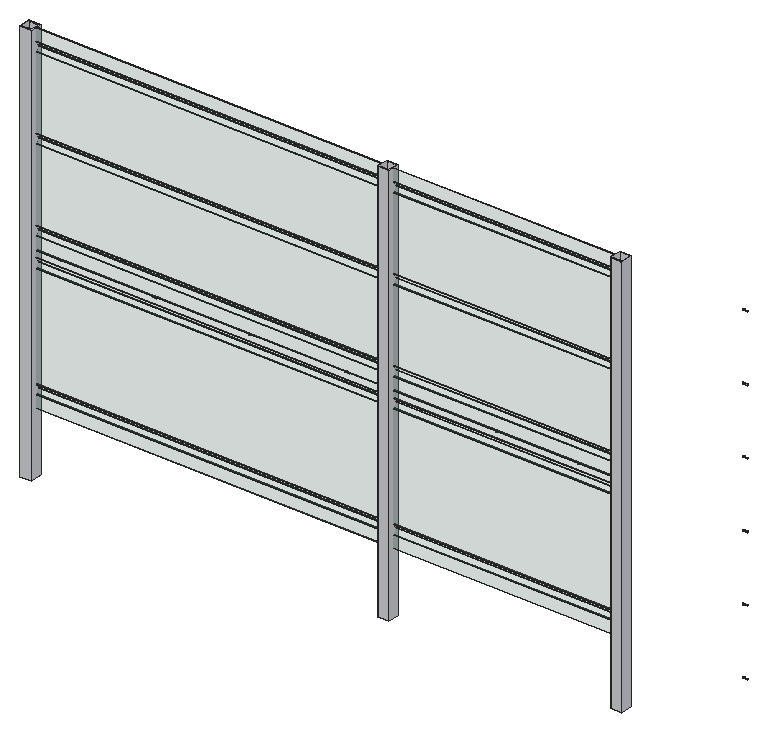
Revit family "Ограждение_Составное_Панель_3D_3000", category Специальное оборудование, Revit 2019
Family settings
  Размер круглого соединителя = Использовать диаметр
  Тип детали = Нормальный
  При загрузке вырезать с полостями = Нет
  Общий = Нет
  Точка расчета площади = Нет
Parameters (values of type "Панель 3000_Под бетон_Столб 100х100")
  Ячейка 50х200 [instance] = not(Ячейка 50х150)  # no
  Ячейка 50х150 [instance] = yes
  Ширина столба = 100 mm
  Ширина резаной [instance] = if(not(Шаг последнего столба - Ширина столба > 0 mm), 1 mm, Шаг последнего столба - Ширина столба)  # 1920 mm
  Ширина панели = 3000 mm
  Ширина 1ой панели [instance] = if([built-in parameter 1001306] < Шаг столбов, 1 mm, Шаг столбов - Ширина столба)  # 3000 mm
  Шаг столбов [instance] = Ширина панели + Ширина столба  # 3100 mm
  Условное обозначение [instance] = no
  Толщина стенки столба [instance] = 3 mm
  Тип крепежа [instance] = 2
  Таблица высот [instance] = "Таблица высот"  # constant formula
  С фланцем под В.О. = not(or(Под бетонирование, С фланцем))  # no
  С фланцем = no
  Показать последний [instance] = yes
  Показать первый [instance] = yes
  Шаг последнего столба [instance] = if(if(not([built-in parameter 1001306] > Шаг столбов), [built-in parameter 1001306], [built-in parameter 1001306] - (rounddown([built-in parameter 1001306] / Шаг столбов) * Шаг столбов)) = 0 mm, Шаг столбов, if(not([built-in parameter 1001306] > Шаг столбов), [built-in parameter 1001306], [built-in parameter 1001306] - (rounddown([built-in parameter 1001306] / Шаг столбов) * Шаг столбов)))  # 2020 mm
  Расчёт ячейки [instance] = if(Ячейка 50х200, 0, 1)  # 1
  Пруток D=6мм [instance] = not(or([Пруток D=4мм], [Пруток D=5мм]))  # no
  Пруток D=5мм [instance] = yes
  Пруток D=4мм [instance] = no
  Показать средний столб [instance] = N панелей = 2  # yes
  Под насадку число [instance] = if(Под насадку, 1, 0)  # 0
  Под насадку [instance] = no
  Под бетонирование = yes
  Отступ панели от основания = 40 mm
  Отступ панели = Ширина столба / 2  # 50 mm
  Инструкция [instance] = "https://docs.google.com/document/d/1Hms8PFiwyIDvWBDE-Iiht7COViz2qMQb2RMvPFaeq4U/edit#heading=h.gjdgxs"
  Изготовитель = [ADSK_Завод-изготовитель]  # "FENSYS"
  built-in parameter 1001306 [instance] = 5120 mm
  Диаметр сваи [instance] = 57 mm
  Группа модели = "Ограждение"  # constant formula
  Глубина столба = 100 mm
  Высота столба [instance] = Отступ панели от основания + Высота нижней панели + Высота верхней панели  # 3000 mm
  Высота сваи [instance] = 1000 mm
  Высота панели [instance] = Ограничитель высоты - 40 mm  # 2960 mm
  Расчет D прутка [instance] = if([Пруток D=4мм], 1, if([Пруток D=5мм], 2, 0))  # 2
  Высота нижней панели [instance] = Ограничитель высоты - 40 mm - Высота верхней панели  # 1230 mm
  Высота межпанельного крепежа [instance] = Высота нижней панели + 40 mm  # 1270 mm
  Ограничитель высоты [instance] = roundup(if(Высота забора < 3000 mm, 3000 mm, if(Высота забора > 4900 mm, 4900 mm, Высота забора)) / 100 mm) * 100 mm  # 3000 mm
  Высота забора [instance] = 3000 mm
  Высота верхней панели [instance] = size_lookup(Таблица высот, "Высота нижней панели", 500 mm, Ограничитель высоты)  # 1730 mm
  Выбор типа основания [instance] = if(Под бетонирование, 1, if(С фланцем, 2, 0))  # 1
  Видимость соединителей первой панели [instance] = and([built-in parameter 1001306] > Шаг столбов, [built-in parameter 1001306] < Шаг столбов * 2)  # yes
  Видимость массива соединителей последней панели [instance] = and(not(Шаг последнего столба - Ширина столба < 1000 mm), not([built-in parameter 1001306] = Шаг столбов * 2))  # yes
  Видимость одного соединителя последней панели [instance] = and(Шаг последнего столба - Ширина столба < 1000 mm, Шаг последнего столба - Ширина столба > 500 mm)  # no
  Видимость массива столбов [instance] = N панелей > 2  # no
  Видимость соединителей массива [instance] = not([built-in parameter 1001306] < Шаг столбов * 2)  # no
  Видимость массива панелей [instance] = N панелей > 2  # no
  Видимость 1ой панели [instance] = N панелей = 2  # yes
  URL = "https://www.fensys.ru/oprosnyy-list/"
  N столбов в массиве [instance] = if((N панелей - 1) < 2, 2, N панелей - 1)  # 2
  N панелей в массиве [instance] = if(N панелей > 2, N панелей - 1, 2)  # 2
  N панелей [instance] = if([built-in parameter 1001306] > Шаг столбов, roundup([built-in parameter 1001306] / Шаг столбов), 1)  # 2
  ADSK_Размер_Длина [instance] = [built-in parameter 1001306]  # 5120 mm
  ADSK_Наименование = "Ограждение составное 3д - Панель 3000_Под бетон_Столб 100х100"
  ADSK_Завод-изготовитель = "FENSYS"  # constant formula
  ADSK_Единица измерения = "м."  # constant formula
Reference planes
  plane 1 "По центру (Вперед/Назад)": y = 0
  plane 2: z = 0
  plane 3 "Слева": x = 0
  plane 4 "Справа": x = 5120
  plane 5 "Верх стойки": z = 3000
  plane 6: x = 3100
  plane 7: x = 6200
  plane 8 "ось предпоследнего столба": x = 3100
  plane 9 "Низ нижней панели": z = 40
  plane 10 "По центру Л/С": z = 1270
Lines and regions (mm)
  reference lines
    curve 1: line (0, 0, 0) -> (5120, 0, 0)
Dimensions and locks
  "built-in parameter 1001306": plane 3 "Слева" to plane 4 "Справа"
  "Ограничитель высоты": plane 5 "Верх стойки" to level
  "Шаг столбов": plane 3 "Слева" to plane 6
  "Шаг столбов": plane 6 to plane 7
  "Шаг последнего столба": plane 8 "ось предпоследнего столба" to plane 4 "Справа"
  group 1 to group 2 = 3100 mm
  group 1 to group 2 = 0 mm  (x2)
  group 3 to group 4 = 3100 mm
  group 3 to group 4 = 0 mm  (x2)
  locked: plane 9 "Низ нижней панели" to plane 2 at 40
  "Высота нижней панели": plane 10 "По центру Л/С" to plane 9 "Низ нижней панели"
  plane 5 "Верх стойки" to plane 9 "Низ нижней панели" = 2960 mm
  group 5 to group 6 = 3100 mm
  group 5 to group 6 = 0 mm  (x2)
  group 7 to group 8 = 3100 mm
  group 7 to group 8 = 0 mm  (x2)
  aligned and locked: plane 4 "Справа" to curve 1
  aligned and locked: plane 1 "По центру (Вперед/Назад)" to curve 1
  aligned and locked: plane 3 "Слева" to curve 1
  aligned and locked: level to plane 2
  aligned and locked: plane 3 "Слева" to nested 1
  aligned and locked: plane 1 "По центру (Вперед/Назад)" to nested 1
  aligned and locked: plane 6 to nested 2
  aligned and locked: curve 1 to nested 2
  aligned and locked: curve 1 to nested 3
  aligned and locked: plane 4 "Справа" to nested 4
  aligned and locked: plane 3 "Слева" to nested 5
  aligned and locked: plane 6 to nested 6
  aligned and locked: plane 1 "По центру (Вперед/Назад)" to nested 5
  aligned and locked: plane 1 "По центру (Вперед/Назад)" to nested 6
  aligned and locked: nested 7 to curve 1
  aligned and locked: plane 1 "По центру (Вперед/Назад)" to nested 7
  aligned and locked: plane 6 to nested 8
  aligned and locked: plane 6 to nested 7
  aligned and locked: plane 9 "Низ нижней панели" to nested 5
  aligned and locked: plane 9 "Низ нижней панели" to nested 8
  aligned and locked: plane 9 "Низ нижней панели" to nested 4
  aligned and locked: plane 9 "Низ нижней панели" to nested 7
  aligned and locked: plane 10 "По центру Л/С" to nested 26
  aligned and locked: plane 4 "Справа" to nested 26
  aligned and locked: nested 3 to plane 4 "Справа"
  aligned and locked: nested 26 to plane 10 "По центру Л/С"
  aligned and locked: plane 5 "Верх стойки" to nested 1  (x2)
  aligned and locked: plane 5 "Верх стойки" to nested 2
  aligned and locked: plane 5 "Верх стойки" to nested 3  (x2)
  aligned and locked: plane 10 "По центру Л/С" to nested 25
  aligned and locked: plane 10 "По центру Л/С" to nested 53
  aligned and locked: plane 7 to nested 44
  aligned and locked: plane 6 to nested 27
  aligned and locked: plane 10 "По центру Л/С" to nested 4  (x2)
  aligned and locked: plane 10 "По центру Л/С" to nested 27
  aligned and locked: nested 27 to plane 10 "По центру Л/С"
  aligned and locked: plane 10 "По центру Л/С" to nested 8  (x2)
  aligned and locked: plane 3 "Слева" to nested 54
  aligned and locked: plane 6 to nested 55
  aligned and locked: plane 8 "ось предпоследнего столба" to nested 56
  aligned and locked: plane 3 "Слева" to nested 57
  aligned and locked: plane 1 "По центру (Вперед/Назад)" to nested 54
  aligned and locked: plane 1 "По центру (Вперед/Назад)" to nested 55
  aligned and locked: plane 1 "По центру (Вперед/Назад)" to nested 56
  aligned and locked: plane 1 "По центру (Вперед/Назад)" to nested 57
  aligned and locked: plane 5 "Верх стойки" to nested 6
Nested families
  nested 1: "В_Столб" at (0, 0, 0), visible <- "Показать первый", ADSK_Размер_Толщина стенки <- "Толщина стенки столба", ADSK_Размер_Глубина <- "Глубина столба", Диаметр сваи <- "Диаметр сваи", Высота сваи <- "Высота сваи", Под бетонирование <- "Под бетонирование", С фланцем <- "С фланцем", С фланцем под в.о. <- "С фланцем под В.О.", ADSK_Размер_Ширина <- "Ширина столба", ADSK_Комплект <- "Группа модели", Под насадку <- "Под насадку", Тип крепежа <- "Тип крепежа", Условное обозначение <- "Условное обозначение", Высота забора <- "Ограничитель высоты", type "Столб"
    with Условное обозначение no, Тип крепежа 2, Таблица "Столб новый", С фланцем под в.о. no, С фланцем no, Под насадку число 1, Под насадку no, Под бетонирование yes, Ограничитель крепежа 2, Крепеж в массиве 6, Длина под бетонирование 500 mm, Диаметр сваи 57 mm, Высота сваи 1000 mm, Высота забора 3000 mm, Выбор типа крепления 1, N крепежа в массиве 6, ADSK_Размер_Ширина 100 mm, ADSK_Размер_Толщина стенки 3 mm, ADSK_Размер_Глубина 100 mm, ADSK_Размер_Высота 3000 mm, ADSK_Обозначение "SI", ADSK_Наименование "Столб ограждения (под насадку): профиль 100x100x3 мм, L= 3000 мм, под бетонирование", ADSK_Масса 27.9, ADSK_Комплект "Ограждение", ADSK_Код изделия "21731N"
  nested 2: "В_Столб" at (3100, 0, 0), visible <- "Показать средний столб", ADSK_Размер_Толщина стенки <- "Толщина стенки столба", ADSK_Размер_Глубина <- "Глубина столба", Диаметр сваи <- "Диаметр сваи", Высота сваи <- "Высота сваи", Под бетонирование <- "Под бетонирование", С фланцем <- "С фланцем", С фланцем под в.о. <- "С фланцем под В.О.", ADSK_Размер_Ширина <- "Ширина столба", ADSK_Комплект <- "Группа модели", Под насадку <- "Под насадку", Тип крепежа <- "Тип крепежа", Условное обозначение <- "Условное обозначение", Высота забора <- "Ограничитель высоты", type "Столб"
    with Условное обозначение no, Тип крепежа 2, Таблица "Столб новый", С фланцем под в.о. no, С фланцем no, Под насадку число 1, Под насадку no, Под бетонирование yes, Ограничитель крепежа 2, Крепеж в массиве 6, Длина под бетонирование 500 mm, Диаметр сваи 57 mm, Высота сваи 1000 mm, Высота забора 3000 mm, Выбор типа крепления 1, N крепежа в массиве 6, ADSK_Размер_Ширина 100 mm, ADSK_Размер_Толщина стенки 3 mm, ADSK_Размер_Глубина 100 mm, ADSK_Размер_Высота 3000 mm, ADSK_Обозначение "SI", ADSK_Наименование "Столб ограждения (под насадку): профиль 100x100x3 мм, L= 3000 мм, под бетонирование", ADSK_Масса 27.9, ADSK_Комплект "Ограждение", ADSK_Код изделия "21731N"
  nested 3: "В_Столб" at (5120, 0, 0), visible <- "Показать последний", ADSK_Размер_Толщина стенки <- "Толщина стенки столба", ADSK_Размер_Глубина <- "Глубина столба", Диаметр сваи <- "Диаметр сваи", Высота сваи <- "Высота сваи", Под бетонирование <- "Под бетонирование", С фланцем <- "С фланцем", С фланцем под в.о. <- "С фланцем под В.О.", ADSK_Размер_Ширина <- "Ширина столба", ADSK_Комплект <- "Группа модели", Под насадку <- "Под насадку", Тип крепежа <- "Тип крепежа", Условное обозначение <- "Условное обозначение", Высота забора <- "Ограничитель высоты", type "Столб"
    with Условное обозначение no, Тип крепежа 2, Таблица "Столб новый", С фланцем под в.о. no, С фланцем no, Под насадку число 1, Под насадку no, Под бетонирование yes, Ограничитель крепежа 2, Крепеж в массиве 6, Длина под бетонирование 500 mm, Диаметр сваи 57 mm, Высота сваи 1000 mm, Высота забора 3000 mm, Выбор типа крепления 1, N крепежа в массиве 6, ADSK_Размер_Ширина 100 mm, ADSK_Размер_Толщина стенки 3 mm, ADSK_Размер_Глубина 100 mm, ADSK_Размер_Высота 3000 mm, ADSK_Обозначение "SI", ADSK_Наименование "Столб ограждения (под насадку): профиль 100x100x3 мм, L= 3000 мм, под бетонирование", ADSK_Масса 27.9, ADSK_Комплект "Ограждение", ADSK_Код изделия "21731N"
  nested 4: "В_Панель" at (3100, 0, 0), ADSK_Размер_Высота <- "Высота нижней панели", Отступ панели от основания <- "Отступ панели от основания", Отступ панели <- "Отступ панели", Размер ячейки <- "Расчёт ячейки", Размер прутка <- "Расчет D прутка", ADSK_Размер_Ширина <- "Ширина резаной", Тип крепежа <- "Тип крепежа", ADSK_Комплект <- "Группа модели", type "Панель 2500"
    with Тип крепежа 2, Таблица масса "Панель масса", Расчетная длина 2020 mm, Размер ячейки 1, Размер прутка 2, Отступ панели от основания 40 mm, Отступ панели 50 mm, Высота дубляж 1230 mm, Высота V5 3030 mm, Высота V4 2830 mm, Высота V3 1930 mm, Высота V2 1230 mm, V5 no, V4 no, V3 no, V2 yes, ADSK_Размер_Ширина 1920 mm, ADSK_Размер_Высота 1230 mm, ADSK_Примечание "", ADSK_Обозначение "GUARD-G", ADSK_Наименование "Панель под подрезку", ADSK_Масса 0, ADSK_Комплект "Ограждение", ADSK_Код изделия " "
  nested 5: "В_Панель" at (0, 0, 0), ADSK_Размер_Высота <- "Высота нижней панели", Отступ панели от основания <- "Отступ панели от основания", Отступ панели <- "Отступ панели", visible <- "Видимость массива панелей", Размер ячейки <- "Расчёт ячейки", Размер прутка <- "Расчет D прутка", Тип крепежа <- "Тип крепежа", ADSK_Комплект <- "Группа модели", ADSK_Размер_Ширина <- "Ширина панели", type "Панель 2500"
    with Тип крепежа 2, Таблица масса "Панель масса", Расчетная длина 3100 mm, Размер ячейки 1, Размер прутка 2, Отступ панели от основания 40 mm, Отступ панели 50 mm, Высота дубляж 1230 mm, Высота V5 3030 mm, Высота V4 2830 mm, Высота V3 1930 mm, Высота V2 1230 mm, V5 no, V4 no, V3 no, V2 yes, ADSK_Размер_Ширина 3000 mm, ADSK_Размер_Высота 1230 mm, ADSK_Примечание "", ADSK_Обозначение "GUARD-G", ADSK_Наименование "Панель 3D серии GUARD-T: HxW (высота х ширина) 1230x3005 (+-2) мм, пруток D=5 мм, ячейка = 50х150 мм, V-образных изгибов 2", ADSK_Масса 16.4, ADSK_Комплект "Ограждение", ADSK_Код изделия "16693"
  nested 6: "В_Столб" at (3100, 0, 0), visible <- "Видимость массива столбов", ADSK_Размер_Толщина стенки <- "Толщина стенки столба", ADSK_Размер_Глубина <- "Глубина столба", Диаметр сваи <- "Диаметр сваи", Высота сваи <- "Высота сваи", Под бетонирование <- "Под бетонирование", С фланцем <- "С фланцем", С фланцем под в.о. <- "С фланцем под В.О.", ADSK_Размер_Ширина <- "Ширина столба", ADSK_Комплект <- "Группа модели", Под насадку <- "Под насадку", Тип крепежа <- "Тип крепежа", Условное обозначение <- "Условное обозначение", Высота забора <- "Ограничитель высоты", type "Столб"
    with Условное обозначение no, Тип крепежа 2, Таблица "Столб новый", С фланцем под в.о. no, С фланцем no, Под насадку число 1, Под насадку no, Под бетонирование yes, Ограничитель крепежа 2, Крепеж в массиве 6, Длина под бетонирование 500 mm, Диаметр сваи 57 mm, Высота сваи 1000 mm, Высота забора 3000 mm, Выбор типа крепления 1, N крепежа в массиве 6, ADSK_Размер_Ширина 100 mm, ADSK_Размер_Толщина стенки 3 mm, ADSK_Размер_Глубина 100 mm, ADSK_Размер_Высота 3000 mm, ADSK_Обозначение "SI", ADSK_Наименование "Столб ограждения (под насадку): профиль 100x100x3 мм, L= 3000 мм, под бетонирование", ADSK_Масса 27.9, ADSK_Комплект "Ограждение", ADSK_Код изделия "21731N"
  nested 7: "В_Панель" at (0, 0, 0), ADSK_Размер_Высота <- "Высота нижней панели", Отступ панели от основания <- "Отступ панели от основания", Отступ панели <- "Отступ панели", visible <- "Видимость 1ой панели", Размер ячейки <- "Расчёт ячейки", Размер прутка <- "Расчет D прутка", Тип крепежа <- "Тип крепежа", ADSK_Комплект <- "Группа модели", ADSK_Размер_Ширина <- "Ширина 1ой панели", type "Панель 2500"
    with Тип крепежа 2, Таблица масса "Панель масса", Расчетная длина 3100 mm, Размер ячейки 1, Размер прутка 2, Отступ панели от основания 40 mm, Отступ панели 50 mm, Высота дубляж 1230 mm, Высота V5 3030 mm, Высота V4 2830 mm, Высота V3 1930 mm, Высота V2 1230 mm, V5 no, V4 no, V3 no, V2 yes, ADSK_Размер_Ширина 3000 mm, ADSK_Размер_Высота 1230 mm, ADSK_Примечание "", ADSK_Обозначение "GUARD-G", ADSK_Наименование "Панель 3D серии GUARD-T: HxW (высота х ширина) 1230x3005 (+-2) мм, пруток D=5 мм, ячейка = 50х150 мм, V-образных изгибов 2", ADSK_Масса 16.4, ADSK_Комплект "Ограждение", ADSK_Код изделия "16693"
  nested 8: "В_Панель" at (3100, 0, 0), ADSK_Размер_Высота <- "Высота нижней панели", Отступ панели от основания <- "Отступ панели от основания", Отступ панели <- "Отступ панели", visible <- "Видимость массива панелей", Размер ячейки <- "Расчёт ячейки", Размер прутка <- "Расчет D прутка", Тип крепежа <- "Тип крепежа", ADSK_Комплект <- "Группа модели", ADSK_Размер_Ширина <- "Ширина панели", type "Панель 2500"
    with Тип крепежа 2, Таблица масса "Панель масса", Расчетная длина 3100 mm, Размер ячейки 1, Размер прутка 2, Отступ панели от основания 40 mm, Отступ панели 50 mm, Высота дубляж 1230 mm, Высота V5 3030 mm, Высота V4 2830 mm, Высота V3 1930 mm, Высота V2 1230 mm, V5 no, V4 no, V3 no, V2 yes, ADSK_Размер_Ширина 3000 mm, ADSK_Размер_Высота 1230 mm, ADSK_Примечание "", ADSK_Обозначение "GUARD-G", ADSK_Наименование "Панель 3D серии GUARD-T: HxW (высота х ширина) 1230x3005 (+-2) мм, пруток D=5 мм, ячейка = 50х150 мм, V-образных изгибов 2", ADSK_Масса 16.4, ADSK_Комплект "Ограждение", ADSK_Код изделия "16693"
  nested 9: "В_Крепеж" at (0, 0, 2965), type "Крепеж"
    with Ширина столба 0 mm, Тип крепежа 2, Путь к таблице "Таблица крепежей", Видимость метизов yes, Y насадка no, ADSK_Обозначение "Крепеж", ADSK_Наименование "Скоба F50", ADSK_Комплект "Ограждение", ADSK_Количество 1, ADSK_Код изделия "8903K"
  nested 10: "В_Крепеж" at (0, 0, 104.903), type "Крепеж"
    with Ширина столба 0 mm, Тип крепежа 2, Путь к таблице "Таблица крепежей", Видимость метизов yes, Y насадка no, ADSK_Обозначение "Крепеж", ADSK_Наименование "Скоба F50", ADSK_Комплект "Ограждение", ADSK_Количество 1, ADSK_Код изделия "8903K"
  nested 11: "В_Крепеж" at (3100, 0, 2965), type "Крепеж"
    with Ширина столба 0 mm, Тип крепежа 2, Путь к таблице "Таблица крепежей", Видимость метизов yes, Y насадка no, ADSK_Обозначение "Крепеж", ADSK_Наименование "Скоба F50", ADSK_Комплект "Ограждение", ADSK_Количество 1, ADSK_Код изделия "8903K"
  nested 12: "В_Крепеж" at (3100, 0, 104.903), type "Крепеж"
    with Ширина столба 0 mm, Тип крепежа 2, Путь к таблице "Таблица крепежей", Видимость метизов yes, Y насадка no, ADSK_Обозначение "Крепеж", ADSK_Наименование "Скоба F50", ADSK_Комплект "Ограждение", ADSK_Количество 1, ADSK_Код изделия "8903K"
  nested 13: "В_Крепеж" at (5120, 0, 2965), type "Крепеж"
    with Ширина столба 0 mm, Тип крепежа 2, Путь к таблице "Таблица крепежей", Видимость метизов yes, Y насадка no, ADSK_Обозначение "Крепеж", ADSK_Наименование "Скоба F50", ADSK_Комплект "Ограждение", ADSK_Количество 1, ADSK_Код изделия "8903K"
  nested 14: "В_Крепеж" at (5120, 0, 104.903), type "Крепеж"
    with Ширина столба 0 mm, Тип крепежа 2, Путь к таблице "Таблица крепежей", Видимость метизов yes, Y насадка no, ADSK_Обозначение "Крепеж", ADSK_Наименование "Скоба F50", ADSK_Комплект "Ограждение", ADSK_Количество 1, ADSK_Код изделия "8903K"
  nested 15: "В_Крепеж" at (3100, 0, 2965), type "Крепеж"
    with Ширина столба 0 mm, Тип крепежа 2, Путь к таблице "Таблица крепежей", Видимость метизов yes, Y насадка no, ADSK_Обозначение "Крепеж", ADSK_Наименование "Скоба F50", ADSK_Комплект "Ограждение", ADSK_Количество 1, ADSK_Код изделия "8903K"
  nested 16: "В_Крепеж" at (3100, 0, 104.903), type "Крепеж"
    with Ширина столба 0 mm, Тип крепежа 2, Путь к таблице "Таблица крепежей", Видимость метизов yes, Y насадка no, ADSK_Обозначение "Крепеж", ADSK_Наименование "Скоба F50", ADSK_Комплект "Ограждение", ADSK_Количество 1, ADSK_Код изделия "8903K"
  nested 17: "В_Метизы" at (20, 0, 2965), type "Метизы"
    with Тип крепежа 2, Путь к таблице "Таблица метизов", ADSK_Наименование "Комплект метизов «В» для крепления скобы из нержавеющей стали (Винт М8х30 ISO 7380 А2   - 4 шт., Шайба D8 DIN 125 А2-70 - 4 шт.,Шайба 8 DIN 127 нерж.)", ADSK_Комплект "Ограждение", ADSK_Количество 1, ADSK_Код изделия "8923"
  nested 18: "В_Метизы" at (20, 0, 104.903), type "Метизы"
    with Тип крепежа 2, Путь к таблице "Таблица метизов", ADSK_Наименование "Комплект метизов «В» для крепления скобы из нержавеющей стали (Винт М8х30 ISO 7380 А2   - 4 шт., Шайба D8 DIN 125 А2-70 - 4 шт.,Шайба 8 DIN 127 нерж.)", ADSK_Комплект "Ограждение", ADSK_Количество 1, ADSK_Код изделия "8923"
  nested 19: "В_Метизы" at (3120, 0, 2965), type "Метизы"
    with Тип крепежа 2, Путь к таблице "Таблица метизов", ADSK_Наименование "Комплект метизов «В» для крепления скобы из нержавеющей стали (Винт М8х30 ISO 7380 А2   - 4 шт., Шайба D8 DIN 125 А2-70 - 4 шт.,Шайба 8 DIN 127 нерж.)", ADSK_Комплект "Ограждение", ADSK_Количество 1, ADSK_Код изделия "8923"
  nested 20: "В_Метизы" at (3120, 0, 104.903), type "Метизы"
    with Тип крепежа 2, Путь к таблице "Таблица метизов", ADSK_Наименование "Комплект метизов «В» для крепления скобы из нержавеющей стали (Винт М8х30 ISO 7380 А2   - 4 шт., Шайба D8 DIN 125 А2-70 - 4 шт.,Шайба 8 DIN 127 нерж.)", ADSK_Комплект "Ограждение", ADSK_Количество 1, ADSK_Код изделия "8923"
  nested 21: "В_Метизы" at (5140, 0, 2965), type "Метизы"
    with Тип крепежа 2, Путь к таблице "Таблица метизов", ADSK_Наименование "Комплект метизов «В» для крепления скобы из нержавеющей стали (Винт М8х30 ISO 7380 А2   - 4 шт., Шайба D8 DIN 125 А2-70 - 4 шт.,Шайба 8 DIN 127 нерж.)", ADSK_Комплект "Ограждение", ADSK_Количество 1, ADSK_Код изделия "8923"
  nested 22: "В_Метизы" at (5140, 0, 104.903), type "Метизы"
    with Тип крепежа 2, Путь к таблице "Таблица метизов", ADSK_Наименование "Комплект метизов «В» для крепления скобы из нержавеющей стали (Винт М8х30 ISO 7380 А2   - 4 шт., Шайба D8 DIN 125 А2-70 - 4 шт.,Шайба 8 DIN 127 нерж.)", ADSK_Комплект "Ограждение", ADSK_Количество 1, ADSK_Код изделия "8923"
  nested 23: "В_Метизы" at (3120, 0, 2965), type "Метизы"
    with Тип крепежа 2, Путь к таблице "Таблица метизов", ADSK_Наименование "Комплект метизов «В» для крепления скобы из нержавеющей стали (Винт М8х30 ISO 7380 А2   - 4 шт., Шайба D8 DIN 125 А2-70 - 4 шт.,Шайба 8 DIN 127 нерж.)", ADSK_Комплект "Ограждение", ADSK_Количество 1, ADSK_Код изделия "8923"
  nested 24: "В_Метизы" at (3120, 0, 104.903), type "Метизы"
    with Тип крепежа 2, Путь к таблице "Таблица метизов", ADSK_Наименование "Комплект метизов «В» для крепления скобы из нержавеющей стали (Винт М8х30 ISO 7380 А2   - 4 шт., Шайба D8 DIN 125 А2-70 - 4 шт.,Шайба 8 DIN 127 нерж.)", ADSK_Комплект "Ограждение", ADSK_Количество 1, ADSK_Код изделия "8923"
  nested 25: "В_Панель" at (0, 0, 1230), ADSK_Размер_Высота <- "Высота верхней панели", Отступ панели от основания <- "Отступ панели от основания", Отступ панели <- "Отступ панели", visible <- "Видимость массива панелей", Размер ячейки <- "Расчёт ячейки", Размер прутка <- "Расчет D прутка", Тип крепежа <- "Тип крепежа", ADSK_Комплект <- "Группа модели", ADSK_Размер_Ширина <- "Ширина панели", type "Панель 2500"
    with Тип крепежа 2, Таблица масса "Панель масса", Расчетная длина 3100 mm, Размер ячейки 1, Размер прутка 2, Отступ панели от основания 40 mm, Отступ панели 50 mm, Высота дубляж 2830 mm, Высота V5 3030 mm, Высота V4 2830 mm, Высота V3 1730 mm, Высота V2 1430 mm, V5 no, V4 no, V3 yes, V2 no, ADSK_Размер_Ширина 3000 mm, ADSK_Размер_Высота 1730 mm, ADSK_Примечание "", ADSK_Обозначение "GUARD-G", ADSK_Наименование "Панель 3D серии GUARD-T: HxW (высота х ширина) 1730x3005 (+-2) мм, пруток D=5 мм, ячейка = 50х150 мм, V-образных изгибов 3", ADSK_Масса 23.2, ADSK_Комплект "Ограждение", ADSK_Код изделия "16912"
  nested 26: "В_Панель" at (3100, 0, 1230), ADSK_Размер_Высота <- "Высота верхней панели", Отступ панели от основания <- "Отступ панели от основания", Отступ панели <- "Отступ панели", Размер ячейки <- "Расчёт ячейки", Размер прутка <- "Расчет D прутка", ADSK_Размер_Ширина <- "Ширина резаной", Тип крепежа <- "Тип крепежа", ADSK_Комплект <- "Группа модели", type "Панель 2500"
    with Тип крепежа 2, Таблица масса "Панель масса", Расчетная длина 2020 mm, Размер ячейки 1, Размер прутка 2, Отступ панели от основания 40 mm, Отступ панели 50 mm, Высота дубляж 2830 mm, Высота V5 3030 mm, Высота V4 2830 mm, Высота V3 1730 mm, Высота V2 1430 mm, V5 no, V4 no, V3 yes, V2 no, ADSK_Размер_Ширина 1920 mm, ADSK_Размер_Высота 1730 mm, ADSK_Примечание "", ADSK_Обозначение "GUARD-G", ADSK_Наименование "Панель под подрезку", ADSK_Масса 0, ADSK_Комплект "Ограждение", ADSK_Код изделия " "
  nested 27: "В_Панель" at (3100, 0, 1230), ADSK_Размер_Высота <- "Высота верхней панели", Отступ панели от основания <- "Отступ панели от основания", Отступ панели <- "Отступ панели", visible <- "Видимость массива панелей", Размер ячейки <- "Расчёт ячейки", Размер прутка <- "Расчет D прутка", Тип крепежа <- "Тип крепежа", ADSK_Комплект <- "Группа модели", ADSK_Размер_Ширина <- "Ширина панели", type "Панель 2500"
    with Тип крепежа 2, Таблица масса "Панель масса", Расчетная длина 3100 mm, Размер ячейки 1, Размер прутка 2, Отступ панели от основания 40 mm, Отступ панели 50 mm, Высота дубляж 2830 mm, Высота V5 3030 mm, Высота V4 2830 mm, Высота V3 1730 mm, Высота V2 1430 mm, V5 no, V4 no, V3 yes, V2 no, ADSK_Размер_Ширина 3000 mm, ADSK_Размер_Высота 1730 mm, ADSK_Примечание "", ADSK_Обозначение "GUARD-G", ADSK_Наименование "Панель 3D серии GUARD-T: HxW (высота х ширина) 1730x3005 (+-2) мм, пруток D=5 мм, ячейка = 50х150 мм, V-образных изгибов 3", ADSK_Масса 23.2, ADSK_Комплект "Ограждение", ADSK_Код изделия "16912"
  nested 28: "В_Крепеж" at (0, 0, 676.923), type "Крепеж"
    with Ширина столба 0 mm, Тип крепежа 2, Путь к таблице "Таблица крепежей", Видимость метизов yes, Y насадка no, ADSK_Обозначение "Крепеж", ADSK_Наименование "Скоба F50", ADSK_Комплект "Ограждение", ADSK_Количество 1, ADSK_Код изделия "8903K"
  nested 29: "В_Метизы" at (20, 0, 676.923), type "Метизы"
    with Тип крепежа 2, Путь к таблице "Таблица метизов", ADSK_Наименование "Комплект метизов «В» для крепления скобы из нержавеющей стали (Винт М8х30 ISO 7380 А2   - 4 шт., Шайба D8 DIN 125 А2-70 - 4 шт.,Шайба 8 DIN 127 нерж.)", ADSK_Комплект "Ограждение", ADSK_Количество 1, ADSK_Код изделия "8923"
  nested 30: "В_Крепеж" at (3100, 0, 676.923), type "Крепеж"
    with Ширина столба 0 mm, Тип крепежа 2, Путь к таблице "Таблица крепежей", Видимость метизов yes, Y насадка no, ADSK_Обозначение "Крепеж", ADSK_Наименование "Скоба F50", ADSK_Комплект "Ограждение", ADSK_Количество 1, ADSK_Код изделия "8903K"
  nested 31: "В_Метизы" at (3120, 0, 676.923), type "Метизы"
    with Тип крепежа 2, Путь к таблице "Таблица метизов", ADSK_Наименование "Комплект метизов «В» для крепления скобы из нержавеющей стали (Винт М8х30 ISO 7380 А2   - 4 шт., Шайба D8 DIN 125 А2-70 - 4 шт.,Шайба 8 DIN 127 нерж.)", ADSK_Комплект "Ограждение", ADSK_Количество 1, ADSK_Код изделия "8923"
  nested 32: "В_Крепеж" at (3100, 0, 676.923), type "Крепеж"
    with Ширина столба 0 mm, Тип крепежа 2, Путь к таблице "Таблица крепежей", Видимость метизов yes, Y насадка no, ADSK_Обозначение "Крепеж", ADSK_Наименование "Скоба F50", ADSK_Комплект "Ограждение", ADSK_Количество 1, ADSK_Код изделия "8903K"
  nested 33: "В_Метизы" at (3120, 0, 676.923), type "Метизы"
    with Тип крепежа 2, Путь к таблице "Таблица метизов", ADSK_Наименование "Комплект метизов «В» для крепления скобы из нержавеющей стали (Винт М8х30 ISO 7380 А2   - 4 шт., Шайба D8 DIN 125 А2-70 - 4 шт.,Шайба 8 DIN 127 нерж.)", ADSK_Комплект "Ограждение", ADSK_Количество 1, ADSK_Код изделия "8923"
  nested 34: "В_Крепеж" at (0, 0, 1248.942), type "Крепеж"
    with Ширина столба 0 mm, Тип крепежа 2, Путь к таблице "Таблица крепежей", Видимость метизов yes, Y насадка no, ADSK_Обозначение "Крепеж", ADSK_Наименование "Скоба F50", ADSK_Комплект "Ограждение", ADSK_Количество 1, ADSK_Код изделия "8903K"
  nested 35: "В_Метизы" at (20, 0, 1248.942), type "Метизы"
    with Тип крепежа 2, Путь к таблице "Таблица метизов", ADSK_Наименование "Комплект метизов «В» для крепления скобы из нержавеющей стали (Винт М8х30 ISO 7380 А2   - 4 шт., Шайба D8 DIN 125 А2-70 - 4 шт.,Шайба 8 DIN 127 нерж.)", ADSK_Комплект "Ограждение", ADSK_Количество 1, ADSK_Код изделия "8923"
  nested 36: "В_Крепеж" at (3100, 0, 1248.942), type "Крепеж"
    with Ширина столба 0 mm, Тип крепежа 2, Путь к таблице "Таблица крепежей", Видимость метизов yes, Y насадка no, ADSK_Обозначение "Крепеж", ADSK_Наименование "Скоба F50", ADSK_Комплект "Ограждение", ADSK_Количество 1, ADSK_Код изделия "8903K"
  nested 37: "В_Метизы" at (3120, 0, 1248.942), type "Метизы"
    with Тип крепежа 2, Путь к таблице "Таблица метизов", ADSK_Наименование "Комплект метизов «В» для крепления скобы из нержавеющей стали (Винт М8х30 ISO 7380 А2   - 4 шт., Шайба D8 DIN 125 А2-70 - 4 шт.,Шайба 8 DIN 127 нерж.)", ADSK_Комплект "Ограждение", ADSK_Количество 1, ADSK_Код изделия "8923"
  nested 38: "В_Крепеж" at (5120, 0, 1248.942), type "Крепеж"
    with Ширина столба 0 mm, Тип крепежа 2, Путь к таблице "Таблица крепежей", Видимость метизов yes, Y насадка no, ADSK_Обозначение "Крепеж", ADSK_Наименование "Скоба F50", ADSK_Комплект "Ограждение", ADSK_Количество 1, ADSK_Код изделия "8903K"
  nested 39: "В_Крепеж" at (5120, 0, 676.923), type "Крепеж"
    with Ширина столба 0 mm, Тип крепежа 2, Путь к таблице "Таблица крепежей", Видимость метизов yes, Y насадка no, ADSK_Обозначение "Крепеж", ADSK_Наименование "Скоба F50", ADSK_Комплект "Ограждение", ADSK_Количество 1, ADSK_Код изделия "8903K"
  nested 40: "В_Метизы" at (5140, 0, 1248.942), type "Метизы"
    with Тип крепежа 2, Путь к таблице "Таблица метизов", ADSK_Наименование "Комплект метизов «В» для крепления скобы из нержавеющей стали (Винт М8х30 ISO 7380 А2   - 4 шт., Шайба D8 DIN 125 А2-70 - 4 шт.,Шайба 8 DIN 127 нерж.)", ADSK_Комплект "Ограждение", ADSK_Количество 1, ADSK_Код изделия "8923"
  nested 41: "В_Метизы" at (5140, 0, 676.923), type "Метизы"
    with Тип крепежа 2, Путь к таблице "Таблица метизов", ADSK_Наименование "Комплект метизов «В» для крепления скобы из нержавеющей стали (Винт М8х30 ISO 7380 А2   - 4 шт., Шайба D8 DIN 125 А2-70 - 4 шт.,Шайба 8 DIN 127 нерж.)", ADSK_Комплект "Ограждение", ADSK_Количество 1, ADSK_Код изделия "8923"
  nested 42: "В_Крепеж" at (3100, 0, 1248.942), type "Крепеж"
    with Ширина столба 0 mm, Тип крепежа 2, Путь к таблице "Таблица крепежей", Видимость метизов yes, Y насадка no, ADSK_Обозначение "Крепеж", ADSK_Наименование "Скоба F50", ADSK_Комплект "Ограждение", ADSK_Количество 1, ADSK_Код изделия "8903K"
  nested 43: "В_Метизы" at (3120, 0, 1248.942), type "Метизы"
    with Тип крепежа 2, Путь к таблице "Таблица метизов", ADSK_Наименование "Комплект метизов «В» для крепления скобы из нержавеющей стали (Винт М8х30 ISO 7380 А2   - 4 шт., Шайба D8 DIN 125 А2-70 - 4 шт.,Шайба 8 DIN 127 нерж.)", ADSK_Комплект "Ограждение", ADSK_Количество 1, ADSK_Код изделия "8923"
  nested 44: "В_Столб" at (6200, 0, 0), visible <- "Видимость массива столбов", ADSK_Размер_Толщина стенки <- "Толщина стенки столба", ADSK_Размер_Глубина <- "Глубина столба", Диаметр сваи <- "Диаметр сваи", Высота сваи <- "Высота сваи", Под бетонирование <- "Под бетонирование", С фланцем <- "С фланцем", С фланцем под в.о. <- "С фланцем под В.О.", ADSK_Размер_Ширина <- "Ширина столба", ADSK_Комплект <- "Группа модели", Под насадку <- "Под насадку", Тип крепежа <- "Тип крепежа", Условное обозначение <- "Условное обозначение", Высота забора <- "Ограничитель высоты", type "Столб"
    with Условное обозначение no, Тип крепежа 2, Таблица "Столб новый", С фланцем под в.о. no, С фланцем no, Под насадку число 1, Под насадку no, Под бетонирование yes, Ограничитель крепежа 2, Крепеж в массиве 6, Длина под бетонирование 500 mm, Диаметр сваи 57 mm, Высота сваи 1000 mm, Высота забора 3000 mm, Выбор типа крепления 1, N крепежа в массиве 6, ADSK_Размер_Ширина 100 mm, ADSK_Размер_Толщина стенки 3 mm, ADSK_Размер_Глубина 100 mm, ADSK_Размер_Высота 3000 mm, ADSK_Обозначение "SI", ADSK_Наименование "Столб ограждения (под насадку): профиль 100x100x3 мм, L= 3000 мм, под бетонирование", ADSK_Масса 27.9, ADSK_Комплект "Ограждение", ADSK_Код изделия "21731N"
  nested 45: "В_Крепеж" at (6200, 0, 2965), type "Крепеж"
    with Ширина столба 0 mm, Тип крепежа 2, Путь к таблице "Таблица крепежей", Видимость метизов yes, Y насадка no, ADSK_Обозначение "Крепеж", ADSK_Наименование "Скоба F50", ADSK_Комплект "Ограждение", ADSK_Количество 1, ADSK_Код изделия "8903K"
  nested 46: "В_Крепеж" at (6200, 0, 104.903), type "Крепеж"
    with Ширина столба 0 mm, Тип крепежа 2, Путь к таблице "Таблица крепежей", Видимость метизов yes, Y насадка no, ADSK_Обозначение "Крепеж", ADSK_Наименование "Скоба F50", ADSK_Комплект "Ограждение", ADSK_Количество 1, ADSK_Код изделия "8903K"
  nested 47: "В_Метизы" at (6220, 0, 2965), type "Метизы"
    with Тип крепежа 2, Путь к таблице "Таблица метизов", ADSK_Наименование "Комплект метизов «В» для крепления скобы из нержавеющей стали (Винт М8х30 ISO 7380 А2   - 4 шт., Шайба D8 DIN 125 А2-70 - 4 шт.,Шайба 8 DIN 127 нерж.)", ADSK_Комплект "Ограждение", ADSK_Количество 1, ADSK_Код изделия "8923"
  nested 48: "В_Метизы" at (6220, 0, 104.903), type "Метизы"
    with Тип крепежа 2, Путь к таблице "Таблица метизов", ADSK_Наименование "Комплект метизов «В» для крепления скобы из нержавеющей стали (Винт М8х30 ISO 7380 А2   - 4 шт., Шайба D8 DIN 125 А2-70 - 4 шт.,Шайба 8 DIN 127 нерж.)", ADSK_Комплект "Ограждение", ADSK_Количество 1, ADSK_Код изделия "8923"
  nested 49: "В_Крепеж" at (6200, 0, 676.923), type "Крепеж"
    with Ширина столба 0 mm, Тип крепежа 2, Путь к таблице "Таблица крепежей", Видимость метизов yes, Y насадка no, ADSK_Обозначение "Крепеж", ADSK_Наименование "Скоба F50", ADSK_Комплект "Ограждение", ADSK_Количество 1, ADSK_Код изделия "8903K"
  nested 50: "В_Метизы" at (6220, 0, 676.923), type "Метизы"
    with Тип крепежа 2, Путь к таблице "Таблица метизов", ADSK_Наименование "Комплект метизов «В» для крепления скобы из нержавеющей стали (Винт М8х30 ISO 7380 А2   - 4 шт., Шайба D8 DIN 125 А2-70 - 4 шт.,Шайба 8 DIN 127 нерж.)", ADSK_Комплект "Ограждение", ADSK_Количество 1, ADSK_Код изделия "8923"
  nested 51: "В_Крепеж" at (6200, 0, 1248.942), type "Крепеж"
    with Ширина столба 0 mm, Тип крепежа 2, Путь к таблице "Таблица крепежей", Видимость метизов yes, Y насадка no, ADSK_Обозначение "Крепеж", ADSK_Наименование "Скоба F50", ADSK_Комплект "Ограждение", ADSK_Количество 1, ADSK_Код изделия "8903K"
  nested 52: "В_Метизы" at (6220, 0, 1248.942), type "Метизы"
    with Тип крепежа 2, Путь к таблице "Таблица метизов", ADSK_Наименование "Комплект метизов «В» для крепления скобы из нержавеющей стали (Винт М8х30 ISO 7380 А2   - 4 шт., Шайба D8 DIN 125 А2-70 - 4 шт.,Шайба 8 DIN 127 нерж.)", ADSK_Комплект "Ограждение", ADSK_Количество 1, ADSK_Код изделия "8923"
  nested 53: "В_Панель" at (0, 0, 1230), ADSK_Размер_Высота <- "Высота верхней панели", Отступ панели от основания <- "Отступ панели от основания", Отступ панели <- "Отступ панели", visible <- "Видимость 1ой панели", Размер ячейки <- "Расчёт ячейки", Размер прутка <- "Расчет D прутка", Тип крепежа <- "Тип крепежа", ADSK_Комплект <- "Группа модели", ADSK_Размер_Ширина <- "Ширина 1ой панели", type "Панель 2500"
    with Тип крепежа 2, Таблица масса "Панель масса", Расчетная длина 3100 mm, Размер ячейки 1, Размер прутка 2, Отступ панели от основания 40 mm, Отступ панели 50 mm, Высота дубляж 2830 mm, Высота V5 3030 mm, Высота V4 2830 mm, Высота V3 1730 mm, Высота V2 1430 mm, V5 no, V4 no, V3 yes, V2 no, ADSK_Размер_Ширина 3000 mm, ADSK_Размер_Высота 1730 mm, ADSK_Примечание "", ADSK_Обозначение "GUARD-G", ADSK_Наименование "Панель 3D серии GUARD-T: HxW (высота х ширина) 1730x3005 (+-2) мм, пруток D=5 мм, ячейка = 50х150 мм, V-образных изгибов 3", ADSK_Масса 23.2, ADSK_Комплект "Ограждение", ADSK_Код изделия "16912"
  nested 54: "В_Крепеж_межпанельный" at (1500, 0, 1270), Шаг столбов <- "Шаг столбов", Ширина столба <- "Ширина столба", Видимость массива <- "Видимость соединителей массива", built-in parameter 1001364 <- "Высота межпанельного крепежа", type "В_Крепеж_межпанельный"
    with Ширина столба 100 mm, Шаг столбов 3100 mm, Тип крепежа 1, Ограничитель длины 3000 mm, Длина панели 3000 mm, Видимость одного крепежа no, Видимость массива no, N межпанельно крепежа 4, ADSK_Комплект "Ограждение"
  nested 55: "В_Крепеж_межпанельный" at (4600, 0, 1270), Шаг столбов <- "Шаг столбов", Ширина столба <- "Ширина столба", Видимость массива <- "Видимость соединителей массива", built-in parameter 1001364 <- "Высота межпанельного крепежа", type "В_Крепеж_межпанельный"
    with Ширина столба 100 mm, Шаг столбов 3100 mm, Тип крепежа 1, Ограничитель длины 3000 mm, Длина панели 3000 mm, Видимость одного крепежа no, Видимость массива no, N межпанельно крепежа 4, ADSK_Комплект "Ограждение"
  nested 56: "В_Крепеж_межпанельный" at (4060, 0, 1270), Шаг столбов <- "Шаг последнего столба", Ширина столба <- "Ширина столба", Видимость массива <- "Видимость массива соединителей последней панели", Видимость одного крепежа <- "Видимость одного соединителя последней панели", built-in parameter 1001364 <- "Высота межпанельного крепежа", type "В_Крепеж_межпанельный"
    with Ширина столба 100 mm, Шаг столбов 2020 mm, Тип крепежа 1, Ограничитель длины 1920 mm, Длина панели 1920 mm, Видимость одного крепежа no, Видимость массива yes, N межпанельно крепежа 3, ADSK_Комплект "Ограждение"
  nested 57: "В_Крепеж_межпанельный" at (1500, 0, 1270), Видимость массива <- "Видимость соединителей первой панели", Шаг столбов <- "Шаг столбов", Ширина столба <- "Ширина столба", built-in parameter 1001364 <- "Высота межпанельного крепежа", type "В_Крепеж_межпанельный"
    with Ширина столба 100 mm, Шаг столбов 3100 mm, Тип крепежа 1, Ограничитель длины 3000 mm, Длина панели 3000 mm, Видимость одного крепежа no, Видимость массива yes, N межпанельно крепежа 4, ADSK_Комплект "Ограждение"
  nested 58: "В_Крепеж" at (0, 0, 1820.961), type "Крепеж"
    with Ширина столба 0 mm, Тип крепежа 2, Путь к таблице "Таблица крепежей", Видимость метизов yes, Y насадка no, ADSK_Обозначение "Крепеж", ADSK_Наименование "Скоба F50", ADSK_Комплект "Ограждение", ADSK_Количество 1, ADSK_Код изделия "8903K"
  nested 59: "В_Метизы" at (20, 0, 1820.961), type "Метизы"
    with Тип крепежа 2, Путь к таблице "Таблица метизов", ADSK_Наименование "Комплект метизов «В» для крепления скобы из нержавеющей стали (Винт М8х30 ISO 7380 А2   - 4 шт., Шайба D8 DIN 125 А2-70 - 4 шт.,Шайба 8 DIN 127 нерж.)", ADSK_Комплект "Ограждение", ADSK_Количество 1, ADSK_Код изделия "8923"
  nested 60: "В_Крепеж" at (3100, 0, 1820.961), type "Крепеж"
    with Ширина столба 0 mm, Тип крепежа 2, Путь к таблице "Таблица крепежей", Видимость метизов yes, Y насадка no, ADSK_Обозначение "Крепеж", ADSK_Наименование "Скоба F50", ADSK_Комплект "Ограждение", ADSK_Количество 1, ADSK_Код изделия "8903K"
  nested 61: "В_Метизы" at (3120, 0, 1820.961), type "Метизы"
    with Тип крепежа 2, Путь к таблице "Таблица метизов", ADSK_Наименование "Комплект метизов «В» для крепления скобы из нержавеющей стали (Винт М8х30 ISO 7380 А2   - 4 шт., Шайба D8 DIN 125 А2-70 - 4 шт.,Шайба 8 DIN 127 нерж.)", ADSK_Комплект "Ограждение", ADSK_Количество 1, ADSK_Код изделия "8923"
  nested 62: "В_Крепеж" at (5120, 0, 1820.961), type "Крепеж"
    with Ширина столба 0 mm, Тип крепежа 2, Путь к таблице "Таблица крепежей", Видимость метизов yes, Y насадка no, ADSK_Обозначение "Крепеж", ADSK_Наименование "Скоба F50", ADSK_Комплект "Ограждение", ADSK_Количество 1, ADSK_Код изделия "8903K"
  nested 63: "В_Метизы" at (5140, 0, 1820.961), type "Метизы"
    with Тип крепежа 2, Путь к таблице "Таблица метизов", ADSK_Наименование "Комплект метизов «В» для крепления скобы из нержавеющей стали (Винт М8х30 ISO 7380 А2   - 4 шт., Шайба D8 DIN 125 А2-70 - 4 шт.,Шайба 8 DIN 127 нерж.)", ADSK_Комплект "Ограждение", ADSK_Количество 1, ADSK_Код изделия "8923"
  nested 64: "В_Крепеж" at (6200, 0, 1820.961), type "Крепеж"
    with Ширина столба 0 mm, Тип крепежа 2, Путь к таблице "Таблица крепежей", Видимость метизов yes, Y насадка no, ADSK_Обозначение "Крепеж", ADSK_Наименование "Скоба F50", ADSK_Комплект "Ограждение", ADSK_Количество 1, ADSK_Код изделия "8903K"
  nested 65: "В_Метизы" at (6220, 0, 1820.961), type "Метизы"
    with Тип крепежа 2, Путь к таблице "Таблица метизов", ADSK_Наименование "Комплект метизов «В» для крепления скобы из нержавеющей стали (Винт М8х30 ISO 7380 А2   - 4 шт., Шайба D8 DIN 125 А2-70 - 4 шт.,Шайба 8 DIN 127 нерж.)", ADSK_Комплект "Ограждение", ADSK_Количество 1, ADSK_Код изделия "8923"
  nested 66: "В_Крепеж" at (3100, 0, 1820.961), type "Крепеж"
    with Ширина столба 0 mm, Тип крепежа 2, Путь к таблице "Таблица крепежей", Видимость метизов yes, Y насадка no, ADSK_Обозначение "Крепеж", ADSK_Наименование "Скоба F50", ADSK_Комплект "Ограждение", ADSK_Количество 1, ADSK_Код изделия "8903K"
  nested 67: "В_Метизы" at (3120, 0, 1820.961), type "Метизы"
    with Тип крепежа 2, Путь к таблице "Таблица метизов", ADSK_Наименование "Комплект метизов «В» для крепления скобы из нержавеющей стали (Винт М8х30 ISO 7380 А2   - 4 шт., Шайба D8 DIN 125 А2-70 - 4 шт.,Шайба 8 DIN 127 нерж.)", ADSK_Комплект "Ограждение", ADSK_Количество 1, ADSK_Код изделия "8923"
  nested 68: "В_Крепеж" at (0, 0, 2392.981), type "Крепеж"
    with Ширина столба 0 mm, Тип крепежа 2, Путь к таблице "Таблица крепежей", Видимость метизов yes, Y насадка no, ADSK_Обозначение "Крепеж", ADSK_Наименование "Скоба F50", ADSK_Комплект "Ограждение", ADSK_Количество 1, ADSK_Код изделия "8903K"
  nested 69: "В_Метизы" at (20, 0, 2392.981), type "Метизы"
    with Тип крепежа 2, Путь к таблице "Таблица метизов", ADSK_Наименование "Комплект метизов «В» для крепления скобы из нержавеющей стали (Винт М8х30 ISO 7380 А2   - 4 шт., Шайба D8 DIN 125 А2-70 - 4 шт.,Шайба 8 DIN 127 нерж.)", ADSK_Комплект "Ограждение", ADSK_Количество 1, ADSK_Код изделия "8923"
  nested 70: "В_Крепеж" at (3100, 0, 2392.981), type "Крепеж"
    with Ширина столба 0 mm, Тип крепежа 2, Путь к таблице "Таблица крепежей", Видимость метизов yes, Y насадка no, ADSK_Обозначение "Крепеж", ADSK_Наименование "Скоба F50", ADSK_Комплект "Ограждение", ADSK_Количество 1, ADSK_Код изделия "8903K"
  nested 71: "В_Метизы" at (3120, 0, 2392.981), type "Метизы"
    with Тип крепежа 2, Путь к таблице "Таблица метизов", ADSK_Наименование "Комплект метизов «В» для крепления скобы из нержавеющей стали (Винт М8х30 ISO 7380 А2   - 4 шт., Шайба D8 DIN 125 А2-70 - 4 шт.,Шайба 8 DIN 127 нерж.)", ADSK_Комплект "Ограждение", ADSK_Количество 1, ADSK_Код изделия "8923"
  nested 72: "В_Крепеж" at (5120, 0, 2392.981), type "Крепеж"
    with Ширина столба 0 mm, Тип крепежа 2, Путь к таблице "Таблица крепежей", Видимость метизов yes, Y насадка no, ADSK_Обозначение "Крепеж", ADSK_Наименование "Скоба F50", ADSK_Комплект "Ограждение", ADSK_Количество 1, ADSK_Код изделия "8903K"
  nested 73: "В_Метизы" at (5140, 0, 2392.981), type "Метизы"
    with Тип крепежа 2, Путь к таблице "Таблица метизов", ADSK_Наименование "Комплект метизов «В» для крепления скобы из нержавеющей стали (Винт М8х30 ISO 7380 А2   - 4 шт., Шайба D8 DIN 125 А2-70 - 4 шт.,Шайба 8 DIN 127 нерж.)", ADSK_Комплект "Ограждение", ADSK_Количество 1, ADSK_Код изделия "8923"
  nested 74: "В_Крепеж" at (3100, 0, 2392.981), type "Крепеж"
    with Ширина столба 0 mm, Тип крепежа 2, Путь к таблице "Таблица крепежей", Видимость метизов yes, Y насадка no, ADSK_Обозначение "Крепеж", ADSK_Наименование "Скоба F50", ADSK_Комплект "Ограждение", ADSK_Количество 1, ADSK_Код изделия "8903K"
  nested 75: "В_Метизы" at (3120, 0, 2392.981), type "Метизы"
    with Тип крепежа 2, Путь к таблице "Таблица метизов", ADSK_Наименование "Комплект метизов «В» для крепления скобы из нержавеющей стали (Винт М8х30 ISO 7380 А2   - 4 шт., Шайба D8 DIN 125 А2-70 - 4 шт.,Шайба 8 DIN 127 нерж.)", ADSK_Комплект "Ограждение", ADSK_Количество 1, ADSK_Код изделия "8923"
  nested 76: "В_Крепеж" at (6200, 0, 2392.981), type "Крепеж"
    with Ширина столба 0 mm, Тип крепежа 2, Путь к таблице "Таблица крепежей", Видимость метизов yes, Y насадка no, ADSK_Обозначение "Крепеж", ADSK_Наименование "Скоба F50", ADSK_Комплект "Ограждение", ADSK_Количество 1, ADSK_Код изделия "8903K"
  nested 77: "В_Метизы" at (6220, 0, 2392.981), type "Метизы"
    with Тип крепежа 2, Путь к таблице "Таблица метизов", ADSK_Наименование "Комплект метизов «В» для крепления скобы из нержавеющей стали (Винт М8х30 ISO 7380 А2   - 4 шт., Шайба D8 DIN 125 А2-70 - 4 шт.,Шайба 8 DIN 127 нерж.)", ADSK_Комплект "Ограждение", ADSK_Количество 1, ADSK_Код изделия "8923"
  nested 78: "В_Крепеж" at (4770, 0, 1270), type "Крепеж"
    with Ширина столба 0 mm, Тип крепежа 1, Путь к таблице "Таблица крепежей", Видимость метизов yes, Y насадка no, ADSK_Обозначение "Крепеж", ADSK_Наименование "Скоба F24", ADSK_Комплект "Ограждение", ADSK_Количество 1, ADSK_Код изделия "15512K"
  nested 79: "В_Крепеж" at (3350, 0, 1270), type "Крепеж"
    with Ширина столба 0 mm, Тип крепежа 1, Путь к таблице "Таблица крепежей", Видимость метизов yes, Y насадка no, ADSK_Обозначение "Крепеж", ADSK_Наименование "Скоба F24", ADSK_Комплект "Ограждение", ADSK_Количество 1, ADSK_Код изделия "15512K"
  nested 80: "В_Метизы" at (4790, 0, 1270), type "Метизы"
    with Тип крепежа 1, Путь к таблице "Таблица метизов", ADSK_Наименование "Комплект метизов «В» для крепления скобы F24 (Винт М6х30 ISO 7380 А2 - 4 шт., Шайба D6 DIN 125 А2 - 4 шт.,Шайба 6 DIN 127 А2 - 4 шт.)", ADSK_Комплект "Ограждение", ADSK_Количество 1, ADSK_Код изделия "8932"
  nested 81: "В_Метизы" at (3370, 0, 1270), type "Метизы"
    with Тип крепежа 1, Путь к таблице "Таблица метизов", ADSK_Наименование "Комплект метизов «В» для крепления скобы F24 (Винт М6х30 ISO 7380 А2 - 4 шт., Шайба D6 DIN 125 А2 - 4 шт.,Шайба 6 DIN 127 А2 - 4 шт.)", ADSK_Комплект "Ограждение", ADSK_Количество 1, ADSK_Код изделия "8932"
  nested 82: "В_Крепеж" at (4060, 0, 1270), type "Крепеж"
    with Ширина столба 0 mm, Тип крепежа 1, Путь к таблице "Таблица крепежей", Видимость метизов yes, Y насадка no, ADSK_Обозначение "Крепеж", ADSK_Наименование "Скоба F24", ADSK_Комплект "Ограждение", ADSK_Количество 1, ADSK_Код изделия "15512K"
  nested 83: "В_Метизы" at (4080, 0, 1270), type "Метизы"
    with Тип крепежа 1, Путь к таблице "Таблица метизов", ADSK_Наименование "Комплект метизов «В» для крепления скобы F24 (Винт М6х30 ISO 7380 А2 - 4 шт., Шайба D6 DIN 125 А2 - 4 шт.,Шайба 6 DIN 127 А2 - 4 шт.)", ADSK_Комплект "Ограждение", ADSK_Количество 1, ADSK_Код изделия "8932"
  nested 84: "В_Крепеж" at (1916.667, 0, 1270), type "Крепеж"
    with Ширина столба 0 mm, Тип крепежа 1, Путь к таблице "Таблица крепежей", Видимость метизов yes, Y насадка no, ADSK_Обозначение "Крепеж", ADSK_Наименование "Скоба F24", ADSK_Комплект "Ограждение", ADSK_Количество 1, ADSK_Код изделия "15512K"
  nested 85: "В_Крепеж" at (1083.333, 0, 1270), type "Крепеж"
    with Ширина столба 0 mm, Тип крепежа 1, Путь к таблице "Таблица крепежей", Видимость метизов yes, Y насадка no, ADSK_Обозначение "Крепеж", ADSK_Наименование "Скоба F24", ADSK_Комплект "Ограждение", ADSK_Количество 1, ADSK_Код изделия "15512K"
  nested 86: "В_Крепеж" at (2750, 0, 1270), type "Крепеж"
    with Ширина столба 0 mm, Тип крепежа 1, Путь к таблице "Таблица крепежей", Видимость метизов yes, Y насадка no, ADSK_Обозначение "Крепеж", ADSK_Наименование "Скоба F24", ADSK_Комплект "Ограждение", ADSK_Количество 1, ADSK_Код изделия "15512K"
  nested 87: "В_Крепеж" at (250, 0, 1270), type "Крепеж"
    with Ширина столба 0 mm, Тип крепежа 1, Путь к таблице "Таблица крепежей", Видимость метизов yes, Y насадка no, ADSK_Обозначение "Крепеж", ADSK_Наименование "Скоба F24", ADSK_Комплект "Ограждение", ADSK_Количество 1, ADSK_Код изделия "15512K"
  nested 88: "В_Метизы" at (1936.667, 0, 1270), type "Метизы"
    with Тип крепежа 1, Путь к таблице "Таблица метизов", ADSK_Наименование "Комплект метизов «В» для крепления скобы F24 (Винт М6х30 ISO 7380 А2 - 4 шт., Шайба D6 DIN 125 А2 - 4 шт.,Шайба 6 DIN 127 А2 - 4 шт.)", ADSK_Комплект "Ограждение", ADSK_Количество 1, ADSK_Код изделия "8932"
  nested 89: "В_Метизы" at (1103.333, 0, 1270), type "Метизы"
    with Тип крепежа 1, Путь к таблице "Таблица метизов", ADSK_Наименование "Комплект метизов «В» для крепления скобы F24 (Винт М6х30 ISO 7380 А2 - 4 шт., Шайба D6 DIN 125 А2 - 4 шт.,Шайба 6 DIN 127 А2 - 4 шт.)", ADSK_Комплект "Ограждение", ADSK_Количество 1, ADSK_Код изделия "8932"
  nested 90: "В_Метизы" at (2770, 0, 1270), type "Метизы"
    with Тип крепежа 1, Путь к таблице "Таблица метизов", ADSK_Наименование "Комплект метизов «В» для крепления скобы F24 (Винт М6х30 ISO 7380 А2 - 4 шт., Шайба D6 DIN 125 А2 - 4 шт.,Шайба 6 DIN 127 А2 - 4 шт.)", ADSK_Комплект "Ограждение", ADSK_Количество 1, ADSK_Код изделия "8932"
  nested 91: "В_Метизы" at (270, 0, 1270), type "Метизы"
    with Тип крепежа 1, Путь к таблице "Таблица метизов", ADSK_Наименование "Комплект метизов «В» для крепления скобы F24 (Винт М6х30 ISO 7380 А2 - 4 шт., Шайба D6 DIN 125 А2 - 4 шт.,Шайба 6 DIN 127 А2 - 4 шт.)", ADSK_Комплект "Ограждение", ADSK_Количество 1, ADSK_Код изделия "8932"
Definition of nested family "В_Столб"
  Parameters (values of type "Столб")
    Условное обозначение [instance] = yes
    Тип крепежа [instance] = 1
    Таблица [instance] = "Столб новый"  # constant formula
    С фланцем под в.о. [instance] = no
    С фланцем [instance] = no
    Под насадку число [instance] = 1  # constant formula
    Под насадку [instance] = no
    Под бетонирование [instance] = yes
    Ограничитель крепежа [instance] = if(Тип крепежа < 0, 0, if(Тип крепежа > 4, 4, Тип крепежа))  # 1
    Крепеж в массиве [instance] = if(Под насадку, if(Высота забора < 3030 mm, if(N крепежа в массиве < 2, 2, N крепежа в массиве), 5) - 1, if(Высота забора < 3030 mm, if(N крепежа в массиве < 2, 2, N крепежа в массиве), 5))  # 5
    Manufacturer = [ADSK_Завод-изготовитель]  # "FENSYS"
    Длина под бетонирование [instance] = if(Под бетонирование, 500 mm, 0 mm)  # 500 mm
    Высота сваи [instance] = 1000 mm
    Диаметр сваи [instance] = 56 mm
    Высота забора [instance] = 5000 mm
    Выбор типа крепления [instance] = if(Под бетонирование, 1, if(С фланцем, 2, 0))  # 1
    URL = "https://www.fensys.ru/produkciya/vintovye-opory_1.html"
    N крепежа в массиве [instance] = rounddown(Высота забора / 485 mm)  # 10
    ADSK_Размер_Ширина [instance] = 40 mm
    ADSK_Размер_Толщина стенки [instance] = 2 mm
    ADSK_Размер_Глубина [instance] = 60 mm
    ADSK_Размер_Высота [instance] = Высота забора  # 5000 mm
    ADSK_Обозначение [instance] = if(С фланцем, "SIT", if(С фланцем под в.о., "SITgs", "SI"))  # "SI"
    ADSK_Наименование [instance] = size_lookup(Таблица, "", "Столб не найден, проверьте параметры", ADSK_Размер_Высота, ADSK_Размер_Ширина, ADSK_Размер_Глубина, ADSK_Размер_Толщина стенки, Выбор типа крепления, Под насадку число)  # "Столб ограждения (под насадку): профиль 40x60x2 мм, L= 5000 мм, под бетонирование"
    ADSK_Материал = none
    ADSK_Масса [instance] = size_lookup(Таблица, "ADSK_Масса", 0, ADSK_Размер_Высота, ADSK_Размер_Ширина, ADSK_Размер_Глубина, ADSK_Размер_Толщина стенки, Выбор типа крепления)  # 14.5
    ADSK_Комплект [instance] = "Ограждение"
    ADSK_Код изделия [instance] = size_lookup(Таблица, "ADSK_Код изделия", "Код столба не найден, проверьте параметры", ADSK_Размер_Высота, ADSK_Размер_Ширина, ADSK_Размер_Глубина, ADSK_Размер_Толщина стенки, Выбор типа крепления, Под насадку число)  # "23187N"
    ADSK_Завод-изготовитель = "FENSYS"  # constant formula
    ADSK_Единица измерения = "шт."  # constant formula
  Reference planes
    plane 1 "По центру (Вперед/Назад)": y = 0
    plane 2: z = 0
    plane 3 "По центру (Влево/Вправо)": x = 0
    plane 4: z = 5000
    plane 5: x = -20
    plane 6: x = 20
    plane 7: y = 30
    plane 8: y = -30
    plane 9: z = -500
    plane 10: z = 5000
  Forms (mm)
    Extrusion 1, solid
      sketch origin (0, 0, 0) x (1, 0, 0) y (0, 1, 0)
        loop
          line (-20, 30) -> (-20, -30) -> (20, -30) -> (20, 30) -> (-20, 30)
        loop
          line (-18, 28) -> (-18, -28) -> (18, -28) -> (18, 28) -> (-18, 28)
      from -500 to 5000
  Dimensions and locks
    equal spacing: plane 5, plane 3 "По центру (Влево/Вправо)", plane 6
    "ADSK_Размер_Ширина": plane 5 to plane 6
    "ADSK_Размер_Глубина": plane 8 to plane 7
    equal spacing: plane 8, plane 1 "По центру (Вперед/Назад)", plane 7
    "ADSK_Размер_Толщина стенки": Extrusion 1 sketch curve to plane 6
    "ADSK_Размер_Толщина стенки": plane 8 to Extrusion 1 sketch curve
    "ADSK_Размер_Толщина стенки": plane 7 to Extrusion 1 sketch curve
    "ADSK_Размер_Толщина стенки": plane 5 to Extrusion 1 sketch curve
    plane 4 to plane 2 = 5000 mm
    "Длина под бетонирование": level to plane 9
    nested 2 to plane 2 = 104.903 mm
    equal spacing: group 1, group 3, group 4, group 5, group 2  (x3)
    locked: plane 10 to nested 3 at 35
    "Высота забора": level to plane 10
    aligned and locked: level to plane 2
    aligned and locked: plane 4 to Extrusion 1
    aligned and locked: plane 6 to Extrusion 1
    aligned and locked: plane 5 to Extrusion 1
    aligned and locked: plane 8 to Extrusion 1
    aligned and locked: plane 7 to Extrusion 1
    aligned and locked: plane 3 "По центру (Влево/Вправо)" to nested 1
    aligned and locked: plane 1 "По центру (Вперед/Назад)" to nested 1
    aligned and locked: Extrusion 1 to plane 9
    aligned and locked: plane 3 "По центру (Влево/Вправо)" to nested 2
    aligned and locked: plane 3 "По центру (Влево/Вправо)" to nested 4
    aligned and locked: nested 10 to plane 1 "По центру (Вперед/Назад)"
    aligned and locked: plane 4 to plane 10
  Automatic sketch dimensions
    Extrusion 1 sketch curve to plane 5 = 0 mm
    Extrusion 1 sketch curve to plane 6 = 0 mm
    plane 8 to Extrusion 1 sketch curve = 0 mm
    Extrusion 1 sketch curve to plane 7 = 0 mm
  Nested families
    nested 1: "В_Винтовая опора" at (0, 0, 0), Ширина столба <- "ADSK_Размер_Ширина", Глубина столба <- "ADSK_Размер_Глубина", Диаметр сваи <- "Диаметр сваи", visible <- "С фланцем под в.о.", Высота сваи <- "Высота сваи", ADSK_Комплект <- "ADSK_Комплект", type "Свая"
      with Ширина столба 40 mm, Путь к таблице "Опора имя", Диаметр сваи 56 mm, Глубина столба 60 mm, Высота сваи 1000 mm, ADSK_Наименование "Свая не найдена, проверьте параметры", ADSK_Масса 0, ADSK_Комплект "Ограждение", ADSK_Завод-изготовитель "FENSYS", ADSK_Единица измерения "шт."
    nested 2: "В_Крепеж" at (0, 0, 104.903), Тип крепежа <- "Ограничитель крепежа", ADSK_Комплект <- "ADSK_Комплект", type "Крепеж"
      with Ширина столба 0 mm, Тип крепежа 1, Путь к таблице "Таблица крепежей", Видимость метизов yes, Y насадка no, ADSK_Обозначение "Крепеж", ADSK_Наименование "Скоба F24", ADSK_Комплект "Ограждение", ADSK_Количество 1, ADSK_Код изделия "15512K"
    nested 3: "В_Крепеж" at (0, 0, 4965), Тип крепежа <- "Ограничитель крепежа", ADSK_Комплект <- "ADSK_Комплект", type "Крепеж"
      with Ширина столба 0 mm, Тип крепежа 1, Путь к таблице "Таблица крепежей", Видимость метизов yes, Y насадка no, ADSK_Обозначение "Крепеж", ADSK_Наименование "Скоба F24", ADSK_Комплект "Ограждение", ADSK_Количество 1, ADSK_Код изделия "15512K"
    nested 4: "В_Крепеж" at (0, 0, 1319.928), Тип крепежа <- "Ограничитель крепежа", ADSK_Комплект <- "ADSK_Комплект", type "Крепеж"
      with Ширина столба 0 mm, Тип крепежа 1, Путь к таблице "Таблица крепежей", Видимость метизов yes, Y насадка no, ADSK_Обозначение "Крепеж", ADSK_Наименование "Скоба F24", ADSK_Комплект "Ограждение", ADSK_Количество 1, ADSK_Код изделия "15512K"
    nested 5: "В_Крепеж" at (0, 0, 2534.952), Тип крепежа <- "Ограничитель крепежа", ADSK_Комплект <- "ADSK_Комплект", type "Крепеж"
      with Ширина столба 0 mm, Тип крепежа 1, Путь к таблице "Таблица крепежей", Видимость метизов yes, Y насадка no, ADSK_Обозначение "Крепеж", ADSK_Наименование "Скоба F24", ADSK_Комплект "Ограждение", ADSK_Количество 1, ADSK_Код изделия "15512K"
    nested 6: "В_Метизы" at (20, 0, 2534.952), type "Метизы"
      with Тип крепежа 1, Путь к таблице "Таблица метизов", ADSK_Наименование "Комплект метизов «В» для крепления скобы F24 (Винт М6х30 ISO 7380 А2 - 4 шт., Шайба D6 DIN 125 А2 - 4 шт.,Шайба 6 DIN 127 А2 - 4 шт.)", ADSK_Комплект "Ограждение", ADSK_Количество 1, ADSK_Код изделия "8932"
    nested 7: "В_Метизы" at (20, 0, 104.903), type "Метизы"
      with Тип крепежа 1, Путь к таблице "Таблица метизов", ADSK_Наименование "Комплект метизов «В» для крепления скобы F24 (Винт М6х30 ISO 7380 А2 - 4 шт., Шайба D6 DIN 125 А2 - 4 шт.,Шайба 6 DIN 127 А2 - 4 шт.)", ADSK_Комплект "Ограждение", ADSK_Количество 1, ADSK_Код изделия "8932"
